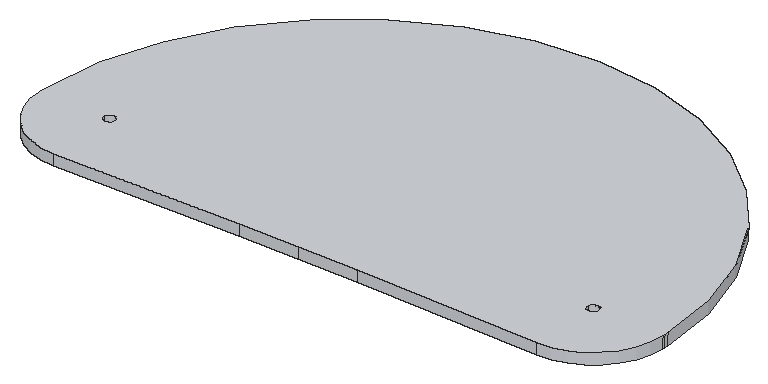
Revit family "MN-Sezione_B_h", category Generic Models, Revit 2012
Parameters (values of type "SezioneB_h")
  top_h_r [instance] = (top_r + r_ctrl) - top_conca_h_ctrl  # 128.01 mm
  top_conca_h [instance] = 5000 mm
  top_conca_h_ctrl [instance] = if(top_conca_h > r_ctrl + interasse / 2 - 3 mm, r_ctrl + interasse / 2 - 3 mm, if(top_conca_h < r_ctrl + 3 mm, r_ctrl + 3 mm, top_conca_h))  # 554.78 mm
  top_cerchio_a [instance] = 90.0000° - top_angolo  # 1.39855°
  top_angolo [instance] = 89.0000° - 2 * atan((interasse - 2 * top_conca_h_ctrl + 2 * r_ctrl) / (interasse + 2 * top_conca_h_ctrl - 2 * r_ctrl))  # 88.6015°
  spessore [instance] = 20 mm
  r_ctrl [instance] = if(r > interasse_half, interasse_half - 10 mm, r)  # 125 mm
  r [instance] = 125 mm
  materiale = none
  foro_r_ctrl [instance] = if(foro_r < r, foro_r, r - 10 mm)  # 10 mm
  foro_r = 10 mm
  conca_distanza_min = 5 mm
  interasse_half [instance] = interasse / 2  # 432.78 mm
  top_r [instance] = (interasse ^ 2 + 4 * (top_conca_h_ctrl ^ 2) - 16 * top_conca_h_ctrl * r_ctrl + 12 * (r_ctrl ^ 2)) / (8 * (top_conca_h_ctrl - r_ctrl)) + 2 * r_ctrl  # 557.791 mm
  interasse [instance] = 865.561 mm
  bottom_h_r [instance] = bottom_r + bottom_conca_h_ctrl + r_ctrl  # 18852.39 mm
  bottom_conca_h_ctrl [instance] = if(bottom_conca_h > r_ctrl - 3 mm, r_ctrl - conca_distanza_min, if(bottom_conca_h < -r_ctrl + conca_distanza_min, -r_ctrl + conca_distanza_min, if(bottom_conca_h + top_conca_h_ctrl > conca_distanza_min, bottom_conca_h, -top_conca_h_ctrl + conca_distanza_min + 3 mm)))  # 120 mm
  bottom_conca_h [instance] = 5500 mm
  bottom_r [instance] = (-(interasse ^ 2) - 4 * (bottom_conca_h_ctrl ^ 2) + 4 * (r_ctrl ^ 2)) / (8 * (bottom_conca_h_ctrl - r_ctrl))  # 18607.39 mm
  bottom_cerchio_a [instance] = bottom_angolo + 90.0000°  # 90.3238°
  bottom_angolo [instance] = 89.0000° - 2 * (atan((interasse + 2 * bottom_conca_h_ctrl - 2 * r_ctrl) / (interasse - 2 * bottom_conca_h_ctrl + 2 * r_ctrl)))  # 0.323841°
  Default Elevation = 1219.2 mm
Reference planes
  plane 1 "Center (Front/Back)": y = 0
  plane 2: z = 0
  plane 3 "Center (Left/Right)": x = 0
  plane 4: x = 865.561
  plane 5: x = 432.78
  plane 6: y = 125
  plane 7: y = -3.01
  plane 8: y = -18727.39
  plane 9: z = 20
Forms (mm)
  Extrusion 1, solid
    sketch origin (0, 0, 0) x (1, 0, 0) y (0, 1, 0)
      loop
        arc (432.78, -120) -> (485.366, -120.074) -> (537.95, -120.297) r 18607.39
        line (537.95, -120.297) -> (864.854, -124.998)
        arc (864.854, -124.998) -> (953.699, -88.638) -> (990.561, 0) r 125
        arc (990.561, 0) -> (990.552, 1.526) -> (990.524, 3.051) r 125
        line (990.524, 3.051) -> (990.405, 10.603)
        arc (990.405, 10.603) -> (822.355, 396.191) -> (432.78, 554.78) r 557.791
        arc (432.78, 554.78) -> (43.206, 396.191) -> (-124.844, 10.603) r 557.791
        line (-124.844, 10.603) -> (-124.963, 3.051)
        arc (-124.963, 3.051) -> (-124.991, 1.526) -> (-125, 0) r 125
        arc (-125, 0) -> (-88.138, -88.638) -> (0.707, -124.998) r 125
        line (0.707, -124.998) -> (327.61, -120.297)
        arc (327.61, -120.297) -> (380.195, -120.074) -> (432.78, -120) r 18607.39
    from 0 to 20
  Extrusion 2, void
    sketch origin (0, 0, 0) x (1, 0, 0) y (0, 1, 0)
      loop
        circle (0, 0) r 10
      loop
        circle (865.561, 0) r 10
    from 0 to 20
Cuts and joins
  Extrusion 2 cuts Extrusion 1
Dimensions and locks
  equal spacing: plane 4, plane 5, plane 3 "Center (Left/Right)"
  "interasse_half": plane 5 to plane 3 "Center (Left/Right)"
  "r_ctrl": plane 1 "Center (Front/Back)" to plane 6
  "top_h_r": plane 7 to plane 6
  "bottom_h_r": plane 8 to plane 6
  "spessore": plane 9 to plane 2
  "foro_r_ctrl": radius of Extrusion 2 sketch curve  (x2)
  "top_r": radius of Extrusion 1 sketch curve
  "bottom_r": radius of Extrusion 1 sketch curve
  "r_ctrl": radius of Extrusion 1 sketch curve  (x4)
  "bottom_angolo": angle Extrusion 1 sketch curve to Extrusion 1 sketch curve  (x2)
  "top_angolo": angle Extrusion 1 sketch curve to Extrusion 1 sketch curve  (x2)
  "bottom_cerchio_a": angle Extrusion 1 sketch curve to Extrusion 1 sketch curve  (x2)
  "top_cerchio_a": angle Extrusion 1 sketch curve to Extrusion 1 sketch curve  (x2)
  aligned and locked: level to plane 2
  aligned and locked: Extrusion 1 to plane 9
  aligned and locked: plane 1 "Center (Front/Back)" to Extrusion 2 sketch curve  (x2)
  aligned and locked: plane 4 to Extrusion 2 sketch curve
  aligned and locked: plane 3 "Center (Left/Right)" to Extrusion 2 sketch curve
  aligned and locked: Extrusion 1 to Extrusion 2
  aligned and locked: plane 8 to Extrusion 1 sketch curve  (x2)
  aligned and locked: plane 7 to Extrusion 1 sketch curve
  aligned and locked: plane 5 to Extrusion 1 sketch curve
  aligned and locked: Extrusion 1 sketch curve to plane 5  (x2)
  aligned and locked: plane 1 "Center (Front/Back)" to Extrusion 1 sketch curve  (x3)
  aligned and locked: plane 4 to Extrusion 1 sketch curve
Automatic sketch dimensions
  Extrusion 1 sketch curve to Extrusion 1 sketch curve = 0 mm
  Extrusion 1 sketch curve to plane 3 "Center (Left/Right)" = 0 mm
